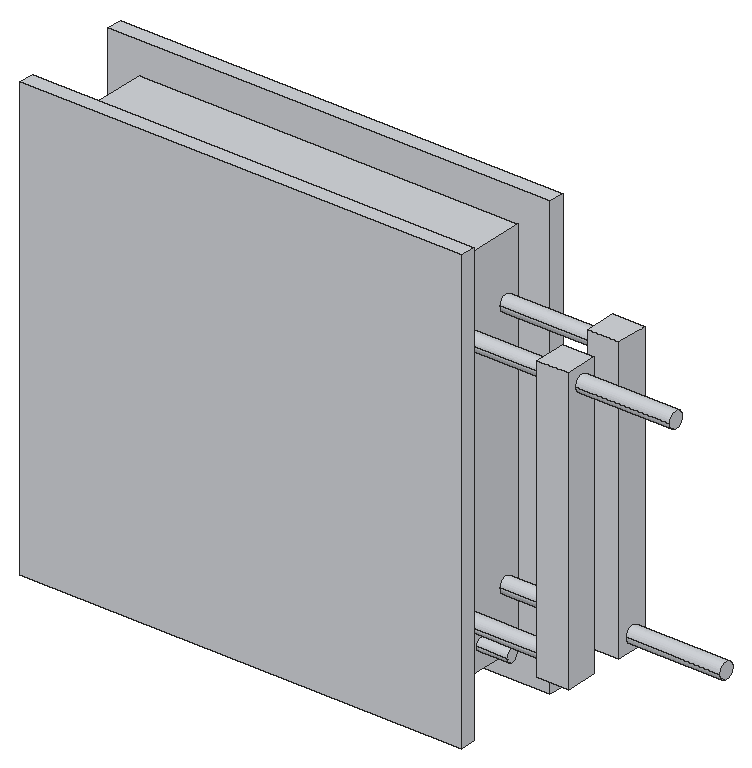
Revit family "e9b102807bd34c3e8d71e3b3f195ba0a", category Mechanical Equipment, Revit 2021
Family settings
  Round Connector Dimension = Use Radius
  Part Type = Normal
  OmniClass Number = 23.75.70.21.14
  OmniClass Title = Coil Units
  Seek Item ID = Coil - Chilled Water-0000-USA-ENU
  Work Plane-Based = No
  Always vertical = Yes
  Cut with Voids When Loaded = No
  Shared = No
  Room Calculation Point = No
Parameters (values of type "Standard")
  Duct Width [instance] = 12"
  Duct Height [instance] = 12"
  Drain Flow [instance] = 0 GPM
  Default Elevation = 0' - 0"
  Coil Material = none
  Coil Length [instance] = Duct Width + 0' 6 1/4"  # 1' - 6 1/4"
  Water Radius = Water Diameter / 2  # 1/4"
  Water Pressure Drop [instance] = 0.00 psi
  Water Flow [instance] = 0 GPM
  Water Diameter = 1/2"
  Air Pressure Drop [instance] = 0.03 in-wg
  Air Flow [instance] = 500 CFM
Reference planes (in)
  plane 1 "Center (Front/Back)": y = 0
  plane 2: z = 0
  plane 3 "Center (Left/Right)": x = 0
  plane 4: y = 3
  plane 5: y = 3.5
  plane 6: y = -0.5
  plane 7: x = -6
  plane 8: x = 6
  plane 9: x = -8.25
  plane 10: x = -7
  plane 11: x = 7
  plane 12: x = 10
  plane 13: x = 9
  plane 14: x = 13
  plane 15: y = 2.5
  plane 16: y = 0.5
  plane 17: z = -1
  plane 18: z = 12
  plane 19: z = 13
  plane 20: z = 10
  plane 21: z = 2
  plane 22: z = 0.75
Forms (in)
  Extrusion 1, solid, material <- "Coil Material"
    sketch origin (0, 0, 0) x (1, 0, 0) y (0, 1, 0)
      loop
        line (-6, 3) -> (-6, 0) -> (6, 0) -> (6, 3) -> (-6, 3)
    from 0 to 12
  Extrusion 2, solid, material <- "Coil Material"
    sketch origin (0, 0, 0) x (1, 0, 0) y (0, 0, 1)
      loop
        line (-7, 13) -> (-7, -1) -> (7, -1) -> (7, 13) -> (-7, 13)
    from 0 to 0.5
  Extrusion 3, solid, material <- "Coil Material"
    sketch origin (0, 0, 0) x (1, 0, 0) y (0, 0, 1)
      loop
        line (-7, 13) -> (-7, -1) -> (7, -1) -> (7, 13) -> (-7, 13)
    from -3.5 to -3
  Sweep 4, solid, material <- "Coil Material"
    path origin (0, 0, 0) x (1, 0, 0) y (0, 0, 1)
      loop
        line (-6, 8.5) -> (-7, 8.5)
        arc (-7, 8.5) -> (-8, 7.5) -> (-7, 6.5) r 1
        line (-7, 6.5) -> (-6, 6.5)
    profile origin (-6.5, 0, 8.5) x (0, 0, -1) y (0, -1, 0)
      loop
        circle (0, -1.5) r 0.25
  Sweep 5, solid, material <- "Coil Material"
    path origin (0, 0, 0) x (1, 0, 0) y (0, 1, 0)
      loop
        line (6, 2.5) -> (9, 2.5)
    profile origin (7.5, 2.5, 0) x (0, 1, 0) y (0, 0, 1)
      loop
        circle (0, 10) r 0.25
  Sweep 6, solid, material <- "Coil Material"
    path origin (0, 0, 0) x (1, 0, 0) y (0, 1, 0)
      loop
        line (6, 2.5) -> (9, 2.5)
    profile origin (7.5, 2.5, 0) x (0, 1, 0) y (0, 0, 1)
      loop
        circle (0, 2) r 0.25
  Sweep 7, solid, material <- "Coil Material"
    path origin (0, 0, 0) x (1, 0, 0) y (0, 1, 0)
      loop
        line (6, 0.5) -> (9, 0.5)
    profile origin (7.5, 0.5, 0) x (0, 1, 0) y (0, 0, 1)
      loop
        circle (0, 2) r 0.25
  Sweep 8, solid, material <- "Coil Material"
    path origin (0, 0, 0) x (1, 0, 0) y (0, 1, 0)
      loop
        line (6, 0.5) -> (9, 0.5)
    profile origin (7.5, 0.5, 0) x (0, 1, 0) y (0, 0, 1)
      loop
        circle (0, 10) r 0.25
  Extrusion 9, solid, material <- "Coil Material"
    sketch origin (0, 0, 0) x (0, 1, 0) y (0, 0, 1)
      loop
        line (3, 10.5) -> (2, 10.5) -> (2, 1.5) -> (3, 1.5) -> (3, 10.5)
      loop
        line (1, 10.5) -> (0, 10.5) -> (0, 1.5) -> (1, 1.5) -> (1, 10.5)
    from 9 to 10
  Extrusion 10, solid, material <- "Coil Material"
    sketch origin (0, 0, 0) x (0, 1, 0) y (0, 0, 1)
      loop
        circle (2.5, 2) r 0.25
      loop
        circle (0.5, 10) r 0.25
    from 10 to 13
  Extrusion 11, solid, material <- "Coil Material"
    sketch origin (0, 0, 0) x (0, 1, 0) y (0, 0, 1)
      loop
        circle (1.5, 0.75) r 0.1875
    from 6 to 7
Cuts and joins
  joined: Extrusion 1, Extrusion 2, Extrusion 3, Sweep 4, Sweep 5, Sweep 6, Sweep 7, Sweep 8, Extrusion 9, Extrusion 10
Dimensions and locks (in)
  locked: plane 4 to plane 1 "Center (Front/Back)" at 3
  locked: plane 5 to plane 4 at 0.5
  locked: plane 6 to plane 1 "Center (Front/Back)" at 0.5
  equal spacing: plane 7, plane 3 "Center (Left/Right)", plane 8
  "Duct Width": plane 7 to plane 8
  locked: plane 9 to plane 7 at 2.25
  locked: plane 10 to plane 7 at 1
  locked: plane 8 to plane 11 at 1
  "Coil Length": plane 9 to plane 12
  locked: plane 13 to plane 12 at 1
  locked: plane 12 to plane 14 at 3
  locked: plane 5 to plane 15 at 1
  locked: plane 16 to plane 6 at 1
  locked: level to plane 2
  locked: plane 2 to plane 17 at 1
  "Duct Height": plane 18 to plane 2
  locked: plane 19 to plane 18 at 1
  locked: plane 18 to plane 20 at 2
  locked: plane 21 to plane 2 at 2
  equal spacing: Extrusion 3, Sweep 4 sketch curve, plane 6
  locked: Extrusion 9 sketch curve to Extrusion 9 sketch curve at 1  (x2)
  equal spacing: Extrusion 9 sketch curve, plane 15, Extrusion 9 sketch curve
  locked: Extrusion 9 sketch curve to plane 20 at 0.5
  locked: plane 21 to Extrusion 9 sketch curve at 0.5
  equal spacing: Extrusion 9 sketch curve, plane 16, Extrusion 9 sketch curve
  locked: plane 22 to level at 0.75
  equal spacing: plane 6, Extrusion 11 sketch curve, plane 5
  locked: Extrusion 11 to Extrusion 11 at 1
  "Water Radius": radius of Extrusion 10 sketch curve  (x2)
  aligned and locked: plane 7 to Extrusion 1 sketch curve
  aligned and locked: Extrusion 1 sketch curve to plane 4
  aligned and locked: Extrusion 1 sketch curve to plane 8
  aligned and locked: Extrusion 1 sketch curve to plane 1 "Center (Front/Back)"
  aligned and locked: plane 18 to Extrusion 1
  aligned and locked: Extrusion 1 to plane 2
  aligned and locked: plane 10 to Extrusion 2 sketch curve
  aligned and locked: Extrusion 2 sketch curve to plane 19
  aligned and locked: plane 17 to Extrusion 2 sketch curve
  aligned and locked: Extrusion 2 sketch curve to plane 11
  aligned and locked: Extrusion 2 to plane 1 "Center (Front/Back)"
  aligned and locked: Extrusion 2 to plane 6
  aligned and locked: Extrusion 3 sketch curve to plane 11
  aligned and locked: Extrusion 3 sketch curve to plane 19
  aligned and locked: plane 10 to Extrusion 3 sketch curve
  aligned and locked: plane 17 to Extrusion 3 sketch curve
  aligned and locked: plane 5 to Extrusion 3
  aligned and locked: Extrusion 3 to plane 4
  aligned and locked: plane 7 to Sweep 4 sketch curve  (x2)
  aligned and locked: plane 8 to Sweep 5 sketch curve
  aligned and locked: Sweep 5 sketch curve to plane 15
  aligned and locked: plane 13 to Sweep 5 sketch curve
  aligned and locked: plane 20 to Sweep 5 sketch curve
  aligned and locked: plane 8 to Sweep 6 sketch curve
  aligned and locked: plane 13 to Sweep 6 sketch curve
  aligned and locked: Sweep 6 sketch curve to plane 15
  aligned and locked: plane 21 to Sweep 6 sketch curve
  aligned and locked: plane 15 to Sweep 6 sketch curve
  aligned and locked: plane 8 to Sweep 7 sketch curve
  aligned and locked: plane 13 to Sweep 7 sketch curve
  aligned and locked: Sweep 7 sketch curve to plane 16
  aligned and locked: plane 16 to Sweep 7 sketch curve
  aligned and locked: plane 21 to Sweep 7 sketch curve
  aligned and locked: plane 8 to Sweep 8 sketch curve
  aligned and locked: plane 13 to Sweep 8 sketch curve
  aligned and locked: Sweep 8 sketch curve to plane 16
  aligned and locked: plane 16 to Sweep 8 sketch curve
  aligned and locked: plane 20 to Sweep 8 sketch curve
  aligned and locked: Extrusion 9 sketch curve to Extrusion 9 sketch curve  (x2)
  aligned and locked: Extrusion 9 to plane 13
  aligned and locked: plane 12 to Extrusion 9
  aligned and locked: plane 21 to Extrusion 10 sketch curve
  aligned and locked: plane 15 to Extrusion 10 sketch curve
  aligned and locked: plane 16 to Extrusion 10 sketch curve
  aligned and locked: plane 20 to Extrusion 10 sketch curve
  aligned and locked: plane 14 to Extrusion 10
  aligned and locked: Extrusion 10 to plane 12
  aligned and locked: plane 22 to Extrusion 11 sketch curve
  aligned and locked: Extrusion 11 to plane 8
Automatic sketch dimensions
  Sweep 4 sketch curve to plane 10 = 0' - 0"
  Sweep 4 sketch curve to plane 20 = 0' - 3 1/2"
  Sweep 4 sketch curve to Sweep 4 sketch curve = 0' - 1"
  Sweep 4 sketch curve to profile plane = 0' - 0"
  Sweep 5 sketch curve to profile plane = 0' - 0"
  radius of Sweep 4 sketch curve = 0' - 0 1/4"
  radius of Sweep 5 sketch curve = 0' - 0 1/4"
  radius of Sweep 6 sketch curve = 0' - 0 1/4"
  radius of Sweep 7 sketch curve = 0' - 0 1/4"
  radius of Sweep 8 sketch curve = 0' - 0 1/4"
  radius of Extrusion 11 sketch curve = 0' - 0 3/16"
Connectors (in)
  hvac at (0, -0.5, 6), driven by "Air Flow", driven by "Duct Height", driven by "Duct Width"
    settings: on cut or joined group 1 (Extrusion 1, Extrusion 2, Extrusion 3, Sweep 4, Sweep 5, Sweep 6, Sweep 7, Sweep 8, Extrusion 9, Extrusion 10), index 1, duct flow 500 CFM, flow factor 0, pres drop 0.00 in-wg, loss coef 0, conn angle 0.00°, conn width 12", conn height 12", conn diameter 24", duct sys type 1, conn prof type 1, flow config 0, flow direction 0, loss method 4, conn ref index 2, conn util no, is conn primary yes, conn desc ""
  hvac at (0, 3.5, 6), driven by "Air Pressure Drop", driven by "Air Flow", driven by "Duct Height", driven by "Duct Width"
    settings: on cut or joined group 1, index 2, duct flow 500 CFM, flow factor 0, pres drop 0.03 in-wg, loss coef 0, conn angle 0.00°, conn width 12", conn height 12", conn diameter 24", duct sys type 1, conn prof type 1, flow config 0, flow direction 0, loss method 4, conn ref index 1, conn util no, is conn primary no, conn desc ""
  piping at (13, 2.5, 2), diameter 0.5, driven by "Water Flow", driven by "Water Radius"
    settings: on cut or joined group 1, index 3, connector inside diameter 1/2", connector length 0' - 0", flow factor 0, pipe flow 0 GPM, pressure drop 0.00 psi, fitting loss kfactor 0, connector angle 0.00°, fixture units 0, engagement length 0' - 0", angle of deflection 0.00°, flow configuration 1, flow direction 1, fitting loss method 4, system type 7, joint type 0, gender type 0, connector reference index 4, connector utility 0, adjustable connector no, is connector primary yes, connector description "Water In"
  piping at (13, 0.5, 10), diameter 0.5, driven by "Water Flow", driven by "Water Pressure Drop", driven by "Water Radius"
    settings: on cut or joined group 1, index 4, connector inside diameter 1/2", connector length 0' - 0", flow factor 0, pipe flow 0 GPM, pressure drop 0.00 psi, fitting loss kfactor 0, connector angle 0.00°, fixture units 0, engagement length 0' - 0", angle of deflection 0.00°, flow configuration 1, flow direction 2, fitting loss method 4, system type 8, joint type 0, gender type 0, connector reference index 3, connector utility 0, adjustable connector no, is connector primary no, connector description "Water Out"
  piping at (7, 1.5, 0.75), diameter 0.375, driven by "Drain Flow"
    settings: on Extrusion 11, index 5, connector inside diameter 3/8", connector length 0' - 0", flow factor 0, pipe flow 0 GPM, pressure drop 0.00 psi, fitting loss kfactor 0, connector angle 0.00°, fixture units 0, engagement length 0' - 0", angle of deflection 0.00°, flow configuration 1, flow direction 2, fitting loss method 0, system type 16, joint type 0, gender type 0, connector reference index -1, connector utility 0, adjustable connector yes, is connector primary no, connector description "Drain Out"
